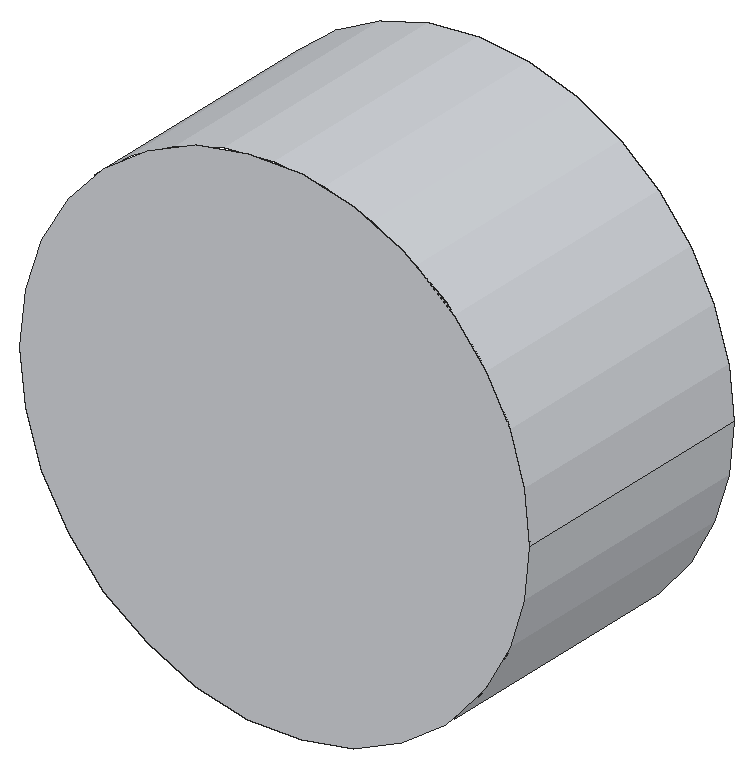
Revit family "TV121-1.9_RFA", category Aparatos sanitarios, Revit 2021
Family settings
  Cota de conector redondo = Diámetro de uso
  Tipo de pieza = Normal
  Número OmniClass = 23.45.00.00
  Título OmniClass = Sanitary, Laundry, and Cleaning Equipment
  Se basa en plano de trabajo = No
  Siempre vertical = Sí
  Corte con vacíos al cargar = No
  Compartido = No
  Punto de cálculo de habitación = No
Parameters (values of type "TV121-1.9")
  URL = "http://www.helvex.com.mx/contenido.php?producto=637"
  Elevación por defecto = 0"
  Comentarios de tipo = "Special Products"
  Total Length = 7.5"
  Support Base Diameter = 2.4"
  Modelo = "TV121-1.9"
  Min. Working Pressure = 14.22 psi
  Max. Working Pressure = 85.34 psi
  Max. Water Flow = 2.11 GPM
  Fabricante = "HELVEX"
  Instructive = "http://www.helvex.com.mx/productos/instructivos/TV-121.pdf"
  Features = "Automatic Closure, Activation Time Adjustable, Button With Antibacterial Coating, Closing Time Adjustable From 5 To 13 Seconds"
  Documentation = "http://www.helvex.com.mx/productos/fichas/TV-121.pdf"
  Descripción = "Single Faucet Economizer To Wall Closing And Antibacterial Coating"
  Connection = "½\" - 14 NPSM"
  Chrome = Brass Chromed
  Certification = "http://www.helvex.com.mx/productos/vistas/TV-121.pdf"
  Conexión AF = no
Reference planes (in)
  plane 1 "Center (Front/Back)": y = 0
  plane 2: z = 0
  plane 3 "Center (Left/Right)": x = 0
  plane 4: z = 41.34
Forms (in)
  Extrusion 1, solid
    sketch origin (0, 0, 41.34) x (1, 0, 0) y (0, 0, 1)
      loop
        circle (0, 0) r 0.25
    from 0 to 0.25
Dimensions and locks (in)
  locked: plane 4 to plane 2 at 41.34
  aligned and locked: level to plane 2
Connectors (in)
  piping at (0, 0, 41.34), diameter 0.5, driven by "Conexión AF"
    settings: on Extrusion 1, index 1, connector inside diameter 609.6 mm, connector length 0", flow factor 0, pipe flow 2.11 GPM, pressure drop 0.0 psi, fitting loss kfactor 0, connector angle 0.00°, fixture units 0, engagement length 0", angle of deflection 0.00°, flow configuration 2, flow direction 1, fitting loss method 0, system type 20, joint type 0, gender type 0, connector reference index -1, connector utility 0, adjustable connector no, is connector primary yes, connector description ""
